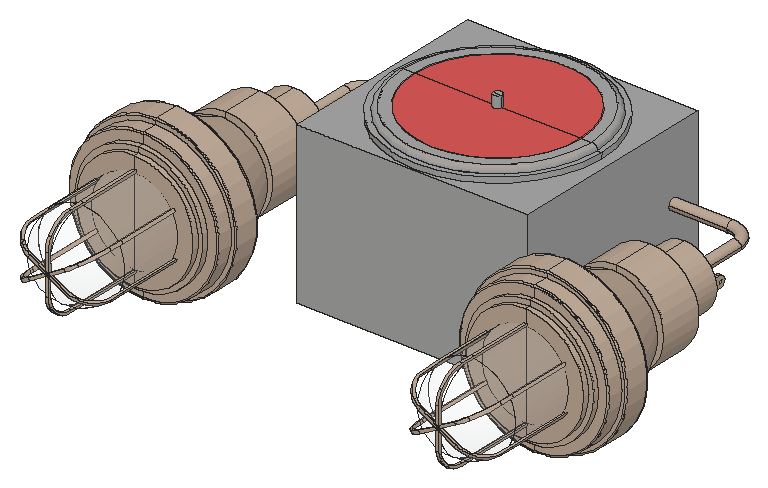
Revit family "HLEBS - EL", category Lighting Fixtures, host Face, Revit 2012
Parameters (values of type "HLEBS EL")
  cap = hubbell - paint - bronze
  Wattage Comments = "10-23W"  # constant formula
  Voltage = 120 V
  URL = "http://www.dual-lite.com"
  Total Input Wattage = "10 W"  # constant formula
  Product Page URL = "http://www.dual-lite.com/products/hlebs_series"
  Product Documentation Link = "http://cdn.dual-lite.com/content/products/psg/psg_files/dlt_hlebs_psg.pdf"
  Model = "HLEBS EL"  # constant formula
  Manufacturer Phone = "(864)-678-1000"  # constant formula
  Manufacturer Fax = "(866)-898-0131"  # constant formula
  Manufacturer = "Dual Lighting"  # constant formula
  Load Classification = Lighting
  Lens = Hubbell - Glass
  Lamp = "LED"  # constant formula
  Label = Hubbell - Paint - Red
  Finish = Hubbell - Paint - Aluminium
  Description = "Hazardous Location LED Emergency Lighting System"  # constant formula
  Default Elevation = 48.00"
  Apparent Load = 10 VA  # constant formula
Reference planes (in)
  plane 1 "Center (Front/Back)": y = 0
  plane 2: z = 0
  plane 3 "Center (Left/Right)": x = 0
  plane 4: z = 7.5
  plane 5: x = -5.4
  plane 6: x = 5.4
  plane 7: y = 5
  plane 8: y = -5
  plane 9: y = 5.97
  plane 10: y = -5.97
  plane 11: z = 8
  plane 12: z = 8.5
  plane 13: x = -4.4
  plane 14: x = 4.4
  plane 15: x = -3.9
  plane 16: x = 3.9
  plane 17: x = -4.9
  plane 18: x = 4.9
  plane 19: y = 5.47
  plane 20: y = -5.47
  plane 21: y = 5.97
  plane 22: z = 0.25
  plane 23: y = 3.5
  plane 24: z = 4.25
Forms (in)
  Extrusion 1, solid, material "Hubbell - Paint - Aluminium" <- "Finish"
    sketch origin (0, 0, 0) x (1, 0, 0) y (0, 1, 0)
      loop
        line (-5.4, 5) -> (-5.4, -5) -> (5.4, -5) -> (5.4, 5) -> (-5.4, 5)
    from 0 to 7.5
  Extrusion 2, solid, material "Hubbell - Paint - Aluminium" <- "Finish"
    sketch origin (0, 0, 0) x (1, 0, 0) y (0, 1, 0)
      loop
        line (-5.4, 5) -> (-3.9, 5) -> (-4.4, 5.97) -> (-5.4, 5.97) -> (-5.4, 5)
      loop
        line (5.4, -5) -> (3.9, -5) -> (4.4, -5.97) -> (5.4, -5.97) -> (5.4, -5)
      loop
        circle (-4.9, 5.47) r 0.25
      loop
        circle (4.9, -5.47) r 0.25
    from 0 to 0.25
  Revolve 3, solid, material "Hubbell - Paint - Aluminium" <- "Finish"
    sketch origin (0, 0, 0) x (1, 0, 0) y (0, 0, 1)
      loop
        line (4.9, 7.5) -> (4.9, 7.75) -> (4.65, 7.75)
        arc (4.65, 7.75) -> (4.57678, 7.92678) -> (4.4, 8) r 0.25
        line (4.4, 8) -> (3.9, 8) -> (3.9, 7.5) -> (4.9, 7.5)
      loop
        line (0, 8.5) -> (0, 8) -> (0.2, 8) -> (0.2, 8.5) -> (0, 8.5)
      axis (0, 8.5) -> (0, 7.5)
    angle from 0 to 360
  Revolve 4, solid, material "Hubbell - Paint - Red" <- "Label"
    sketch origin (0, 0, 0) x (1, 0, 0) y (0, 0, 1)
      loop
        line (3.9, 8) -> (0, 8) -> (0, 7.5) -> (3.9, 7.5) -> (3.9, 8)
      axis (0, 8) -> (0, 7.5)
    angle from 0 to 360
Cuts and joins
  joined: Extrusion 1, Extrusion 2, Revolve 3
Dimensions and locks (in)
  plane 4 to plane 2 = 7.50"  (x2)
  equal spacing: plane 6, plane 3 "Center (Left/Right)", plane 5
  plane 6 to plane 5 = 10.80"
  plane 4 to level = 7.50"
  plane 7 to plane 8 = 10.00"
  locked: plane 3 "Center (Left/Right)" to plane 5 at 5.4
  equal spacing: plane 7, plane 1 "Center (Front/Back)", plane 8
  locked: plane 1 "Center (Front/Back)" to plane 7 at 5
  locked: plane 1 "Center (Front/Back)" to plane 9 at 5.97
  equal spacing: plane 9, plane 1 "Center (Front/Back)", plane 10
  locked: plane 11 to plane 4 at 0.5
  locked: plane 12 to plane 11 at 0.5
  locked: plane 5 to plane 13 at 1
  locked: plane 14 to plane 6 at 1
  locked: plane 13 to plane 15 at 0.5
  locked: plane 16 to plane 14 at 0.5
  locked: plane 5 to plane 17 at 0.5
  locked: plane 14 to plane 18 at 0.5
  locked: plane 20 to plane 10 at 0.5
  locked: plane 21 to plane 19 at 0.5
  locked: Extrusion 2 sketch curve to plane 17 at 0
  locked: plane 19 to Extrusion 2 sketch curve at 0
  locked: Extrusion 2 sketch curve to plane 20 at 0.25
  locked: plane 18 to Extrusion 2 sketch curve at 0
  locked: plane 22 to plane 2 at 0.25
  locked: Revolve 3 sketch curve to Revolve 3 sketch curve at 0.2
  locked: Revolve 3 sketch curve to Revolve 3 sketch curve at 0.25
  locked: cut or joined group of Extrusion 1, Extrusion 2, Revolve 3 to Revolve 3 sketch curve at 0.25
  locked: plane 7 to plane 23 at 1.5
  locked: plane 4 to plane 24 at 3.25
  aligned and locked: plane 2 to host face
  aligned and locked: level to host face
  aligned and locked: Extrusion 1 sketch curve to plane 7
  aligned and locked: plane 5 to Extrusion 1 sketch curve
  aligned and locked: plane 8 to Extrusion 1 sketch curve
  aligned and locked: Extrusion 1 sketch curve to plane 6
  aligned and locked: plane 5 to Extrusion 2 sketch curve
  aligned and locked: Extrusion 2 sketch curve to plane 9
  aligned and locked: plane 13 to Extrusion 2 sketch curve
  aligned and locked: plane 15 to Extrusion 2 sketch curve
  aligned and locked: plane 7 to Extrusion 2 sketch curve
  aligned and locked: plane 16 to Extrusion 2 sketch curve
  aligned and locked: plane 14 to Extrusion 2 sketch curve
  aligned and locked: Extrusion 2 sketch curve to plane 10
  aligned and locked: Extrusion 2 sketch curve to Extrusion 1  (x2)
  aligned and locked: plane 22 to Extrusion 2
  aligned and locked: plane 4 to Extrusion 1
  aligned and locked: Revolve 3 sketch curve to plane 3 "Center (Left/Right)"
  aligned and locked: plane 4 to Revolve 3 sketch curve
  aligned and locked: Revolve 3 sketch curve to plane 18
  aligned and locked: plane 12 to Revolve 3 sketch curve
  aligned and locked: Revolve 3 sketch curve to Revolve 3 sketch curve
  aligned and locked: Revolve 3 sketch curve to plane 11
  aligned and locked: plane 16 to Revolve 3 sketch curve
  aligned and locked: plane 11 to Revolve 4 sketch curve
  aligned and locked: plane 16 to Revolve 4 sketch curve
  aligned and locked: Revolve 4 sketch curve to cut or joined group of Extrusion 1, Extrusion 2, Revolve 3
  aligned and locked: Revolve 4 sketch curve to plane 3 "Center (Left/Right)"  (x2)
  aligned and locked: cut or joined group of Extrusion 1, Extrusion 2, Revolve 3 to nested 1
  aligned and locked: nested 2 to plane 23
  aligned and locked: plane 23 to nested 1
  aligned and locked: plane 24 to nested 2
  aligned and locked: plane 24 to nested 1
  aligned and locked: plane 24 to nested 3
  aligned and locked: plane 24 to nested 4
  aligned and locked: nested 4 to nested 1
  aligned and locked: nested 3 to nested 2
Automatic sketch dimensions
  host sketch curve to host sketch curve = 96.00"  (x2)
  Extrusion 2 sketch curve to plane 20 = 0.00"
  Revolve 3 sketch curve to plane 11 = 0.00"
  plane 22 to Revolve 3 sketch curve = 2.75"
  Revolve 3 sketch curve to Revolve 3 sketch curve = 3.00"
  Revolve 4 sketch curve to plane 3 "Center (Left/Right)" = 0.00"
  Revolve 4 sketch curve to plane 4 = 1.34704"
  plane 12 to Revolve 4 sketch curve = 1.50"
  radius of Extrusion 2 sketch curve = 0.25"
Nested families (in)
  nested 1: "HLEBS EL" at (5.4, 3.5, 4.25) x (-1, 0, 0) z (0, 0, 1), type "HLEBS EL"
  nested 2: "HLEBS EL" at (-5.4, 3.5, 4.25), type "HLEBS EL"
  nested 3: "HLEBS Photometry" at (-9.18999, -9.8125, 4.01104) x (0, 0, -1) z (0, -1, 0), type "EL"
  nested 4: "HLEBS Photometry" at (8.91104, -9.8125, 4.28999) x (-1, 0, 0) z (0, -1, 0), type "EL"
Connectors (in)
  electrical at (0, 0, 0), driven by "Voltage", driven by "Load Classification", driven by "Apparent Load"
    settings: index 1, voltage 120 V, apparent load 10 VA, apparent load phase1 0 VA, apparent load phase2 0 VA, apparent load phase3 0 VA, power factor 1, load classification "Lighting", number of poles 1, system type 30, power factor state 1, is connector primary yes, connector utility no, sub classification motor no, connector description "Electrical Connector"
Definition of nested family "HLEBS EL"
  Parameters (values of type "HLEBS EL")
    GLASS = hubbell - paint - bronze
    FINISH = hubbell - paint - bronze
  Reference planes (in)
    plane 1 "Center (Front/Back)": y = 0
    plane 2: z = 0
    plane 3 "Center (Left/Right)": x = 0
    plane 4: y = 4.132
    plane 5: x = -4.36659
    plane 6: y = 3.25
    plane 7: x = -6.5
    plane 8: x = -3
  Forms (in)
    Sweep 1, solid, material "hubbell - paint - bronze" <- "FINISH"
      path origin (0, 0, 0) x (1, 0, 0) y (0, 1, 0)
        loop
          line (0, 0) -> (-2.75, 0)
          arc (-2.75, 0) -> (-3.45711, 0.29289) -> (-3.75, 1) r 1
          line (-3.75, 1) -> (-3.75, 4)
      profile origin (-1.375, 0, 0) x (0, -1, 0) y (0, 0, 1)
        loop
          circle (0, 0) r 0.25
  Lines and regions (in)
    reference lines
      curve 1: line (-3.75, 4, 0) -> (-3.75, 20.25, 0)
  Dimensions and locks (in)
    Sweep 1 sketch curve to plane 3 "Center (Left/Right)" = 3.75"
    aligned and locked: plane 2 to level
  Nested families (in)
    nested 1: "HLE-Pendant Mount" at (-3.75, 4, 0) x (0, 0, 1) z (0, 1, 0), type "HLE-Pendant Mount"
  Definition of nested family "HLE-Pendant Mount"
    Parameters (values of type "HLE-Pendant Mount")
      Wattage Comments = "50W/ 100W/ 150W/ 300W"
      Colour = hubbell - paint - bronze
      Ballast = hubbell - paint - bronze
      URL = "http://www.hubbellindustrial.com/"
      Product Page URL = "http://www.hubbellindustrial.com/products/hle"
      Product Documentation Link = "http://www.hubbellindustrial.com/content/products/specs/specs_files/hle.pdf"
      Model = "HLE"  # constant formula
      Manufacturer Phone = "864-678-1000"  # constant formula
      Manufacturer Fax = "866-898-0131"  # constant formula
      Manufacturer = "Hubbell Industrial Lighting"  # constant formula
      Lamp = "1"
      Reflector = hubbell - paint - bronze
      Description = " For use in classified areas such as paint manufacturing, munitions \r\nfacilities, chemical and petrochemical, oil & gas production, and \r\nmarine loading terminals."  # constant formula
      Default Elevation = 48.00"
    Reference planes (in)
      plane 1 "Center (Front/Back)": y = 0
      plane 2: z = 0
      plane 3 "Center (Left/Right)": x = 0
      plane 4: z = 14.3125
      plane 5: x = -3.75
      plane 6: x = 3.75
      plane 7: y = 7.75
      plane 8: y = -7.75
      plane 9: y = -1.07422
    Forms (in)
      Extrusion 1, solid
        sketch origin (0, 0, 0) x (1, 0, 0) y (0, 1, 0)
          loop
            line (-48, 48) -> (-48, -48) -> (48, -48) -> (48, 48) -> (-48, 48)
        from 0 to -12
      Revolve 2, solid, material "hubbell - paint - bronze"
        sketch origin (0, 0, -5.91673) x (1, 0, 0) y (0, 0, 1)
          loop
            line (-2.25, 7.91673) -> (-1.5, 7.41673) -> (-1.5, 5.91673) -> (0, 5.91673) -> (0, 9.92187) -> (-2.25, 9.92187) -> (-2.25, 7.91673)
          axis (0, 9.92187) -> (0, 5.91673)
        angle from 0 to 360
      Revolve 3, solid, material "hubbell - paint - bronze" <- "Reflector"
        sketch origin (0, 0, -11.42456) x (1, 0, 0) y (0, 0, 1)
          loop
            line (-2.03099, 20.73706) -> (0, 20.73706) -> (0, 25.74515)
            arc (0, 25.74515) -> (-1.42748, 25.23756) -> (-2.03099, 23.84792) r 1.90164
            line (-2.03099, 23.84792) -> (-2.03099, 20.73706)
          axis (0, 25.74515) -> (0, 20.73706)
        angle from 0 to 360
      Revolve 4, solid, material "hubbell - paint - bronze"
        sketch origin (0, 0, 0) x (1, 0, 0) y (0, 0, 1)
          loop
            arc (-3.7, 8.0625) -> (-3.73536, 8.04786) -> (-3.75, 8.0125) r 0.05
            line (-3.75, 8.0125) -> (-3.75, 6.8625)
            arc (-3.75, 6.8625) -> (-3.73536, 6.82714) -> (-3.7, 6.8125) r 0.05
            line (-3.7, 6.8125) -> (-3.37869, 6.8125) -> (-2.13365, 4.24656) -> (-1.75, 4.00514) -> (0, 4.00514) -> (0, 9.3125) -> (-2.75, 9.3125) -> (-2.75, 9.0625) -> (-3, 9.0625) -> (-3, 8.8125) -> (-3.45, 8.8125)
            arc (-3.45, 8.8125) -> (-3.48536, 8.79786) -> (-3.5, 8.7625) r 0.05
            line (-3.5, 8.7625) -> (-3.5, 8.0625) -> (-3.7, 8.0625)
          axis (0, 9.3125) -> (0, 4.00514)
        angle from 0 to 360
      Extrusion 5, solid, material "hubbell - paint - bronze"
        sketch origin (0, -0.00964, 0) x (1, 0, 0) y (0, 0, 1)
          loop
            line (-2.15191, 9.23255) -> (-2.05191, 9.23255) -> (-2.05191, 12.39305) -> (-2.05191, 13.0804)
            arc (-2.05191, 13.0804) -> (-1.90112, 13.70555) -> (-1.48192, 14.19323) r 1.37133
            arc (-1.48192, 14.19323) -> (-1.23457, 14.31827) -> (-0.96078, 14.36134) r 0.89183
            line (-0.96078, 14.36134) -> (0.00156, 14.36134) -> (0.00156, 14.46134) -> (-0.96078, 14.46134)
            arc (-0.96078, 14.46134) -> (-1.26527, 14.41344) -> (-1.54036, 14.27438) r 0.99183
            arc (-1.54036, 14.27438) -> (-1.99013, 13.75114) -> (-2.15191, 13.0804) r 1.47133
            line (-2.15191, 13.0804) -> (-2.15191, 12.39305) -> (-2.15191, 9.23255)
        from -0.07237 to 0.06271
      Extrusion 6, solid, material "hubbell - paint - bronze"
        sketch origin (-6.36932, -1.07422, 48) x (-1, 0, 0) y (0, 0, 1)
          loop
            line (-6.11932, -48) -> (-6.61932, -48) -> (-6.61932, -48.5)
            arc (-6.61932, -48.5) -> (-6.36932, -48.75) -> (-6.11932, -48.5) r 0.25
            line (-6.11932, -48.5) -> (-6.11932, -48)
          loop
            circle (-6.36932, -48.5) r 0.1
        from 0 to -0.19922
      Extrusion 7, solid, material "hubbell - paint - bronze"
        sketch origin (0.00328, 0.01928, 0) x (-0.999937, 0.011241, 0) y (0, 0, 1)
          loop
            line (-2.15191, 9.23255) -> (-2.05191, 9.23255) -> (-2.05191, 12.39305) -> (-2.05191, 13.0804)
            arc (-2.05191, 13.0804) -> (-1.90112, 13.70555) -> (-1.48192, 14.19323) r 1.37133
            arc (-1.48192, 14.19323) -> (-1.23457, 14.31827) -> (-0.96078, 14.36134) r 0.89183
            line (-0.96078, 14.36134) -> (0.00156, 14.36134) -> (0.00156, 14.46134) -> (-0.96078, 14.46134)
            arc (-0.96078, 14.46134) -> (-1.26527, 14.41344) -> (-1.54036, 14.27438) r 0.99183
            arc (-1.54036, 14.27438) -> (-1.99013, 13.75114) -> (-2.15191, 13.0804) r 1.47133
            line (-2.15191, 13.0804) -> (-2.15191, 12.39305) -> (-2.15191, 9.23255)
        from -0.07237 to 0.06271
      Extrusion 8, solid, material "hubbell - paint - bronze"
        sketch origin (0.01328, -0.0038, 0) x (0.503242, 0.864146, 0) y (0, 0, 1)
          loop
            line (-2.15191, 9.23255) -> (-2.05191, 9.23255) -> (-2.05191, 12.39305) -> (-2.05191, 13.0804)
            arc (-2.05191, 13.0804) -> (-1.90112, 13.70555) -> (-1.48192, 14.19323) r 1.37133
            arc (-1.48192, 14.19323) -> (-1.23457, 14.31827) -> (-0.96078, 14.36134) r 0.89183
            line (-0.96078, 14.36134) -> (0.00156, 14.36134) -> (0.00156, 14.46134) -> (-0.96078, 14.46134)
            arc (-0.96078, 14.46134) -> (-1.26527, 14.41344) -> (-1.54036, 14.27438) r 0.99183
            arc (-1.54036, 14.27438) -> (-1.99013, 13.75114) -> (-2.15191, 13.0804) r 1.47133
            line (-2.15191, 13.0804) -> (-2.15191, 12.39305) -> (-2.15191, 9.23255)
        from -0.07237 to 0.06271
      Extrusion 9, solid, material "hubbell - paint - bronze"
        sketch origin (0.01491, 0.01061, 0) x (-0.493496, 0.869748, 0) y (0, 0, 1)
          loop
            line (-2.15191, 9.23255) -> (-2.05191, 9.23255) -> (-2.05191, 12.39305) -> (-2.05191, 13.0804)
            arc (-2.05191, 13.0804) -> (-1.90112, 13.70555) -> (-1.48192, 14.19323) r 1.37133
            arc (-1.48192, 14.19323) -> (-1.23457, 14.31827) -> (-0.96078, 14.36134) r 0.89183
            line (-0.96078, 14.36134) -> (0.00156, 14.36134) -> (0.00156, 14.46134) -> (-0.96078, 14.46134)
            arc (-0.96078, 14.46134) -> (-1.26527, 14.41344) -> (-1.54036, 14.27438) r 0.99183
            arc (-1.54036, 14.27438) -> (-1.99013, 13.75114) -> (-2.15191, 13.0804) r 1.47133
            line (-2.15191, 13.0804) -> (-2.15191, 12.39305) -> (-2.15191, 9.23255)
        from -0.07237 to 0.06271
      Extrusion 10, solid, material "hubbell - paint - bronze"
        sketch origin (-0.00999, 0.01368, 0) x (-0.519679, -0.854361, 0) y (0, 0, 1)
          loop
            line (-2.15191, 9.23255) -> (-2.05191, 9.23255) -> (-2.05191, 12.39305) -> (-2.05191, 13.0804)
            arc (-2.05191, 13.0804) -> (-1.90112, 13.70555) -> (-1.48192, 14.19323) r 1.37133
            arc (-1.48192, 14.19323) -> (-1.23457, 14.31827) -> (-0.96078, 14.36134) r 0.89183
            line (-0.96078, 14.36134) -> (0.00156, 14.36134) -> (0.00156, 14.46134) -> (-0.96078, 14.46134)
            arc (-0.96078, 14.46134) -> (-1.26527, 14.41344) -> (-1.54036, 14.27438) r 0.99183
            arc (-1.54036, 14.27438) -> (-1.99013, 13.75114) -> (-2.15191, 13.0804) r 1.47133
            line (-2.15191, 13.0804) -> (-2.15191, 12.39305) -> (-2.15191, 9.23255)
        from -0.07237 to 0.06271
      Extrusion 11, solid, material "hubbell - paint - bronze"
        sketch origin (-0.01194, -0.00059, 0) x (0.469819, -0.882763, 0) y (0, 0, 1)
          loop
            line (-2.15191, 9.23255) -> (-2.05191, 9.23255) -> (-2.05191, 12.39305) -> (-2.05191, 13.0804)
            arc (-2.05191, 13.0804) -> (-1.90112, 13.70555) -> (-1.48192, 14.19323) r 1.37133
            arc (-1.48192, 14.19323) -> (-1.23457, 14.31827) -> (-0.96078, 14.36134) r 0.89183
            line (-0.96078, 14.36134) -> (0.00156, 14.36134) -> (0.00156, 14.46134) -> (-0.96078, 14.46134)
            arc (-0.96078, 14.46134) -> (-1.26527, 14.41344) -> (-1.54036, 14.27438) r 0.99183
            arc (-1.54036, 14.27438) -> (-1.99013, 13.75114) -> (-2.15191, 13.0804) r 1.47133
            line (-2.15191, 13.0804) -> (-2.15191, 12.39305) -> (-2.15191, 9.23255)
        from -0.07237 to 0.06271
    Cuts and joins
      joined: Revolve 2, Revolve 4, Extrusion 6
    Lines and regions (in)
      reference lines
        curve 1: line (0, 0, 38.875) -> (0, 0, -18.125)
        curve 2: line (-9.08996, 0, 4) -> (11.16004, 0, 4)
        curve 3: line (-9.08996, 0, 14.0125) -> (10.41397, 0, 14.0125)
        curve 4: line (-10.97694, 0, 9.3125) -> (13.52306, 0, 9.3125)
    Dimensions and locks (in)
      locked: plane 4 to plane 2 at 14.3125
      locked: plane 7 to plane 1 "Center (Front/Back)" at 7.75
      locked: plane 8 to plane 1 "Center (Front/Back)" at 7.75
      equal spacing: plane 6, curve 1, plane 5
      plane 6 to plane 5 = 7.50"
      equal spacing: plane 4, curve 2, Extrusion 1
      equal spacing: plane 6, plane 3 "Center (Left/Right)", plane 5
      plane 6 to plane 3 "Center (Left/Right)" = 3.75"
      aligned and locked: plane 2 to Extrusion 1
      aligned and locked: Extrusion 6 sketch curve to Extrusion 1
      aligned and locked: Revolve 2 sketch curve to Revolve 4
      aligned and locked: Revolve 2 sketch curve to Revolve 2 sketch curve
      aligned and locked: Revolve 2 sketch curve to Extrusion 1
    Automatic sketch dimensions
      Extrusion 1 sketch curve to Extrusion 1 sketch curve = 96.00"  (x2)
      curve 3 to plane 4 = 0.30"
      curve 3 to plane 5 = 5.33996"
      curve 2 to plane 5 = 5.33996"
      curve 4 to curve 3 = 1.88698"
      curve 3 to plane 6 = 6.66397"
      curve 2 to plane 6 = 7.41004"
      curve 3 to curve 4 = 3.10909"
      curve 1 to level = 18.125"
      curve 4 to plane 4 = 5.00"
      plane 4 to curve 1 = 24.5625"
      Revolve 2 sketch curve to plane 3 "Center (Left/Right)" = 0.00"
      Revolve 2 sketch curve to plane 3 "Center (Left/Right)" = 1.50"
      Revolve 2 sketch curve to Revolve 2 sketch curve = 0.75"
      Revolve 2 sketch curve to level = 13.75728"
      Revolve 2 sketch curve to Revolve 2 sketch curve = 1.50"
      Revolve 2 sketch curve to Revolve 2 sketch curve = 0.50"
      plane 4 to Revolve 2 sketch curve = 8.93022"
      Revolve 4 sketch curve to plane 3 "Center (Left/Right)" = 0.00"  (x2)
      plane 5 to Revolve 4 sketch curve = 2.00"
      Revolve 4 sketch curve to Revolve 4 sketch curve = 0.38365"
      plane 5 to Revolve 4 sketch curve = 1.00"
      Revolve 4 sketch curve to Revolve 4 sketch curve = 0.25"  (x3)
      plane 5 to Revolve 4 sketch curve = 0.37131"
      Revolve 4 sketch curve to Revolve 4 sketch curve = 0.45"
      Revolve 4 sketch curve to Revolve 4 sketch curve = 0.05"  (x2)
      Revolve 4 sketch curve to Revolve 4 sketch curve = 0.32131"
      Revolve 4 sketch curve to Revolve 4 sketch curve = 0.20"
      Revolve 4 sketch curve to level = 8.5625"
      level to Revolve 4 sketch curve = 4.00514"
      Revolve 4 sketch curve to Revolve 4 sketch curve = 0.24142"
      Revolve 4 sketch curve to Revolve 4 sketch curve = 2.56594"
      Revolve 4 sketch curve to Revolve 4 sketch curve = 1.15"
      Revolve 4 sketch curve to Revolve 4 sketch curve = 0.70"
      plane 4 to Revolve 4 sketch curve = 4.625"
      Extrusion 6 sketch curve to Extrusion 6 sketch curve = 0.00"  (x2)
      Extrusion 6 sketch curve to plane 3 "Center (Left/Right)" = 0.00"
      Extrusion 6 sketch curve to Extrusion 6 sketch curve = 0.25"
      Extrusion 6 sketch curve to level = 0.50"
      Revolve 3 sketch curve to plane 3 "Center (Left/Right)" = 0.00"  (x2)
      Revolve 3 sketch curve to plane 3 "Center (Left/Right)" = 0.12936"
      plane 5 to Revolve 3 sketch curve = 1.71901"
      Revolve 3 sketch curve to level = 2.3125"
      Revolve 3 sketch curve to plane 4 = 5.00"
      Revolve 3 sketch curve to plane 4 = 1.88914"
      Revolve 3 sketch curve to Revolve 3 sketch curve = 0.61691"
      Extrusion 5 sketch curve to Extrusion 5 sketch curve = 0.00"  (x11)
      Extrusion 5 sketch curve to Extrusion 5 sketch curve = 0.10"
      Extrusion 5 sketch curve to Extrusion 5 sketch curve = 0.51155"
      Extrusion 5 sketch curve to Extrusion 5 sketch curve = 0.05844"
      Extrusion 5 sketch curve to Extrusion 5 sketch curve = 0.2802"
      Extrusion 5 sketch curve to Extrusion 5 sketch curve = 0.68735"
      Extrusion 5 sketch curve to Extrusion 5 sketch curve = 3.16049"
      Extrusion 5 sketch curve to Extrusion 5 sketch curve = 0.96234"
      Extrusion 7 sketch curve to Extrusion 7 sketch curve = 0.00"  (x11)
      Extrusion 7 sketch curve to Extrusion 7 sketch curve = 0.10"
      Extrusion 7 sketch curve to Extrusion 7 sketch curve = 0.51155"
      Extrusion 7 sketch curve to Extrusion 7 sketch curve = 0.05844"
      Extrusion 7 sketch curve to Extrusion 7 sketch curve = 0.2802"
      Extrusion 7 sketch curve to Extrusion 7 sketch curve = 0.68735"
      Extrusion 7 sketch curve to Extrusion 7 sketch curve = 3.16049"
      Extrusion 7 sketch curve to Extrusion 7 sketch curve = 0.96234"
      Extrusion 8 sketch curve to Extrusion 8 sketch curve = 0.00"  (x11)
      Extrusion 8 sketch curve to Extrusion 8 sketch curve = 0.10"
      Extrusion 8 sketch curve to Extrusion 8 sketch curve = 0.51155"
      Extrusion 8 sketch curve to Extrusion 8 sketch curve = 0.05844"
      Extrusion 8 sketch curve to Extrusion 8 sketch curve = 0.2802"
      Extrusion 8 sketch curve to Extrusion 8 sketch curve = 0.68735"
      Extrusion 8 sketch curve to Extrusion 8 sketch curve = 3.16049"
      Extrusion 8 sketch curve to Extrusion 8 sketch curve = 0.96234"
      Extrusion 9 sketch curve to Extrusion 9 sketch curve = 0.00"  (x11)
      Extrusion 9 sketch curve to Extrusion 9 sketch curve = 0.10"
      Extrusion 9 sketch curve to Extrusion 9 sketch curve = 0.51155"
      Extrusion 9 sketch curve to Extrusion 9 sketch curve = 0.05844"
      Extrusion 9 sketch curve to Extrusion 9 sketch curve = 0.2802"
      Extrusion 9 sketch curve to Extrusion 9 sketch curve = 0.68735"
      Extrusion 9 sketch curve to Extrusion 9 sketch curve = 3.16049"
      Extrusion 9 sketch curve to Extrusion 9 sketch curve = 0.96234"
      Extrusion 10 sketch curve to Extrusion 10 sketch curve = 0.00"  (x11)
      Extrusion 10 sketch curve to Extrusion 10 sketch curve = 0.10"
      Extrusion 10 sketch curve to Extrusion 10 sketch curve = 0.51155"
      Extrusion 10 sketch curve to Extrusion 10 sketch curve = 0.05844"
      Extrusion 10 sketch curve to Extrusion 10 sketch curve = 0.2802"
      Extrusion 10 sketch curve to Extrusion 10 sketch curve = 0.68735"
      Extrusion 10 sketch curve to Extrusion 10 sketch curve = 3.16049"
      Extrusion 10 sketch curve to Extrusion 10 sketch curve = 0.96234"
      Extrusion 11 sketch curve to Extrusion 11 sketch curve = 0.00"  (x11)
      Extrusion 11 sketch curve to Extrusion 11 sketch curve = 0.10"
      Extrusion 11 sketch curve to Extrusion 11 sketch curve = 0.51155"
      Extrusion 11 sketch curve to Extrusion 11 sketch curve = 0.05844"
      Extrusion 11 sketch curve to Extrusion 11 sketch curve = 0.2802"
      Extrusion 11 sketch curve to Extrusion 11 sketch curve = 0.68735"
      Extrusion 11 sketch curve to Extrusion 11 sketch curve = 3.16049"
      Extrusion 11 sketch curve to Extrusion 11 sketch curve = 0.96234"
      radius of Extrusion 6 sketch curve = 0.10"
Definition of nested family "HLEBS Photometry"
  Parameters (values of type "EL")
    Wattage Comments = ""
    Wattage = 3 W
    built-in parameter 1150110 = 1 (stored number, unit not read)
    Voltage = 6 V
    URL = ""
    built-in parameter 1114217 = 1 (stored number, unit not read)
    Tilt Angle = 90.00°  # constant formula
    built-in parameter 1150109 = 1 (stored number, unit not read)
    built-in parameter 1150134 = 3
    built-in parameter 1150113 = 1 (stored number, unit not read)
    Product Page URL = ""
    Product Documentation Link = ""
    Photometric Web File = "hlebs_el.ies"
    Model = ""
    Manufacturer Phone = ""
    Manufacturer Fax = ""
    Manufacturer = ""
    built-in parameter 1150105 = 19.397 (stored number, unit not read)
    Lumens = 243.75 lm
    built-in parameter 1150115 = 1 (stored number, unit not read)
    built-in parameter 1150137 = (empty or 0)
    built-in parameter 1150139 = (empty or 0)
    built-in parameter 1150112 = 1 (stored number, unit not read)
    built-in parameter 1150114 = 1 (stored number, unit not read)
    Lamp = ""
    built-in parameter 1150132 = 1
    built-in parameter 1150102 = (empty or 0)
    built-in parameter 1150107 = 3200 (stored number, unit not read)
    built-in parameter 1150138 = (empty or 0)
    built-in parameter 1150106 = 0.19397 (stored number, unit not read)
    Emit from Circle Diameter = 3.00"  # constant formula
    Emit Shape Visible in Rendering = no
    built-in parameter 1150104 = 7.5484 (stored number, unit not read)
    Dimming Lamp Color Temperature Shift = (empty or 0)
    Description = ""
    Default Elevation = 48.00"
    Color Filter = 16777215
    built-in parameter 1114218 = 1 (stored number, unit not read)
    built-in parameter 1150133 = 10 (stored number, unit not read)
    Apparent Load = 3 VA
  Reference planes (in)
    plane 1 "Center (Front/Back)": y = 0.03999
    plane 2: z = 0
    plane 3 "Center (Left/Right)": x = -0.23896
  Forms (in)
    Extrusion 1, solid
      sketch origin (0, 0, 0.06357) x (1, 0, 0) y (0, 1, 0)
        loop
          line (-48, 48) -> (-48, -48) -> (48, -48) -> (48, 48) -> (-48, 48)
      from -0.06357 to -17.74365
  Lines and regions (in)
    reference lines
      curve 1: line (-0.23896, 0.03999, 18.11448) -> (-0.23896, 0.03999, -22.88552)
      curve 2: line (-0.23896, 0.03999, 34) -> (-0.23896, 0.03999, -22.88552)
  Dimensions and locks (in)
    aligned and locked: plane 2 to Extrusion 1
    aligned and locked: level to Extrusion 1
    aligned and locked: curve 1 to plane 3 "Center (Left/Right)"
    aligned and locked: plane 1 "Center (Front/Back)" to curve 2
    aligned and locked: imposter light to plane 1 "Center (Front/Back)"
